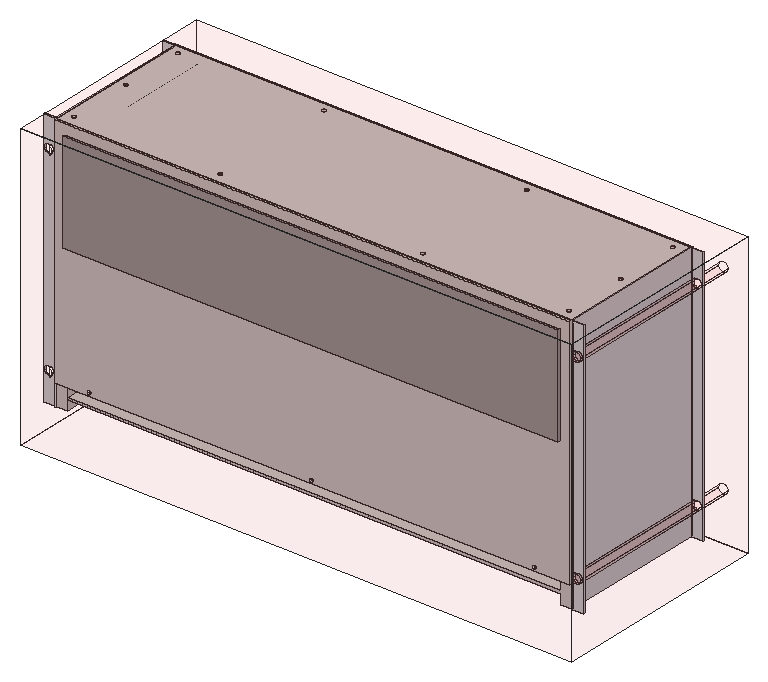
Revit family "Air-Curtain_Vestibule-Except_PoweredAire_CHA", category Mechanical Equipment, host Face, Revit 2025
Family settings
  Host = Face
  Round Connector Dimension = Use Diameter
  Part Type = Normal
  OmniClass Number = 23.75.35.17.21
  OmniClass Title = Air Curtains
  Cut with Voids When Loaded = No
  Maintain Annotation Orientation = No
  Shared = No
  Room Calculation Point = No
Parameters
  Unit Width Notes = "Other Widths available."  # constant formula
  Unit Width = 51.80"
  Unit Weight = 0
  Unit Height = 15.04"
  Unit Depth = 26.01"
  URL = "http://www.poweredaire.com/"
  Specification = ""
  Projection from Host [instance] = 2.00"
  Product Page URL = "https://www.arcat.com/company/powered-aire-inc-47623"
  Power Rating = 0 W
  Nozzle Width = if(1 = 1, Unit Width - 3.00", 0.00")  # 48.80"
  Mounting Width = if(1 = 1, Unit Width - 1.50", 0.00")  # 50.30"
  Mounting Height [instance] = 44.91"
  Motor RPM = 0
  Motor HP = 0
  Motor Count = 0
  Model = "CHA"
  Max Height = 0.00"
  Manufacturer = "Powered Aire, Inc"
  Keynote = "23 34 33"
  Include Clearance [instance] = yes
  Heating Element Load = 0 W
  HVAC_Temperature Rise = 0 °F
  HVAC_Outlet Volume = 0 CFM
  HVAC_Outlet Velocity Uniformity = 0
  HVAC_Outlet Velocity = 0 FPM
  Front Grating Material [instance] = Metal - Steel - PoweredAire - White Perforated
  Frame Finish [instance] = Metal - Steel - PoweredAire - Stainless 304
  Electrical_Wattage [instance] = Power Rating + Heating Element Load  # 0 W
  Electrical_Voltage [instance] = 0 V
  Electrical_Phase [instance] = 1
  Electrical_Frequency [instance] = 0 Hz
  Electrical_Amperage [instance] = 0 A
  Description = ""
  Default Elevation = 0.00"  # constant formula
  Cover Finish [instance] = Metal - Steel - PoweredAire - White
  Copyright = "©Arcat Inc."
  Clearance_Top [instance] = 3.25"
  Clearance_Side B [instance] = 3.1752"
  Clearance_Side A [instance] = 0.50"
  Clearance_Intake [instance] = 3.92354"
  Clearance_Front [instance] = 4.93628"
  Clearance Material [instance] = ARCAT Clearance
  CAD Details = ""
  Assembly Code = "D3090400"
Reference planes (in)
  plane 1 "Center (Elevation)": y = 10.8177
  plane 2: z = 0
  plane 3 "Center (Left/Right)": x = 0
  plane 4: y = 3.04818
  plane 5: z = 28.01
  plane 6 "FF": y = -41.86182
  plane 7: z = 2
  plane 8: x = 25.9
  plane 9: x = -25.9
  plane 10: z = 32.94628
  plane 11: y = 3.29818
  plane 12: y = 18.33722
  plane 13: y = 3.37845
  plane 14: y = 3.37725
  plane 15: x = 29.0752
  plane 16: y = 21.58722
  plane 17: y = -0.62536
  plane 18: x = -26.4
  plane 19: y = 2.99818
  plane 20: z = 28.06
  plane 21: y = 18.33818
Forms (in)
  Extrusion 1, solid, material "Metal - Steel - PoweredAire - Stainless 304"
    sketch origin (0, 10.8177, 0) x (1, 0, 0) y (0, 0, 1)
      loop
        line (25.9, 28.01) -> (-25.9, 28.01) -> (-25.9, 2) -> (25.9, 2) -> (25.9, 28.01)
    from -7.52048 to 7.51952
  Extrusion 2, solid, material "Metal - Steel - PoweredAire - Stainless 304"
    sketch origin (0, 0, 0) x (1, 0, 0) y (0, 1, 0)
      loop
        line (-25.9, 3.29818) -> (-25.9, 3.04818) -> (25.9, 3.04818) -> (25.9, 3.29818) -> (-25.9, 3.29818)
    from 4.25 to 28.01
  Extrusion 3, void
    sketch origin (0, -0.04688, -1) x (0, 1, 0) y (0, 0, 1)
      loop
        line (3.04818, 4) -> (3.04818, 3) -> (4.79818, 3) -> (4.79818, 5.25) -> (3.04818, 5.25) -> (3.04818, 4.25) -> (4.54818, 4.25) -> (4.54818, 4) -> (3.04818, 4)
    from -24.8 to 24.8
  Extrusion 4, solid
    sketch origin (0, 1.18246, 0) x (1, 0, 0) y (0, 1, 0)
      loop
        line (-25.9, 2.29092) -> (-25.9, 16.98052)
        arc (-25.9, 16.98052) -> (-25.95131, 17.10441) -> (-26.0752, 17.15572) r 0.1752
        line (-26.0752, 17.15572) -> (-27.15, 17.15572) -> (-27.15, 17.07572) -> (-26.0752, 17.07572)
        arc (-26.0752, 17.07572) -> (-26.00788, 17.04784) -> (-25.98, 16.98052) r 0.0952
        line (-25.98, 16.98052) -> (-25.98, 2.29119)
        arc (-25.98, 2.29119) -> (-26.00788, 2.22387) -> (-26.0752, 2.19599) r 0.0952
        line (-26.0752, 2.19599) -> (-27.15, 2.19599) -> (-27.15, 2.11572) -> (-26.0752, 2.11572)
        arc (-26.0752, 2.11572) -> (-25.95131, 2.16703) -> (-25.9, 2.29092) r 0.1752
      loop
        arc (25.9, 2.29092) -> (25.95131, 2.16703) -> (26.0752, 2.11572) r 0.1752
        line (26.0752, 2.11572) -> (27.15, 2.11572) -> (27.15, 2.1948) -> (26.0753, 2.1948)
        arc (26.0753, 2.1948) -> (26.00871, 2.22238) -> (25.98113, 2.28896) r 0.09417
        line (25.98113, 2.28896) -> (25.98113, 16.98006)
        arc (25.98113, 16.98006) -> (26.00885, 17.04699) -> (26.07578, 17.07471) r 0.09465
        line (26.07578, 17.07471) -> (27.15, 17.07471) -> (27.15, 17.15572) -> (26.07616, 17.15572)
        arc (26.07616, 17.15572) -> (25.95159, 17.10412) -> (25.9, 16.97956) r 0.17616
        line (25.9, 16.97956) -> (25.9, 2.29092)
    from 2 to 28.01
  Extrusion 5, solid, material "H1"
    sketch origin (0, 9.63572, -1.5) x (1, 0, 0) y (0, 0, 1)
      loop
        line (-24.9, 28.51) -> (-24.9, 18.36) -> (24.9, 18.36) -> (24.9, 28.51) -> (-24.9, 28.51)
    from 6.77683 to 6.58754
  Extrusion 6, solid, material "ARCAT Clearance"
    sketch origin (0, 0, 0) x (1, 0, 0) y (0, 1, 0)
      loop
        line (-26.4, 21.58722) -> (-26.4, -0.62536) -> (29.0752, -0.62536) -> (29.0752, 21.58722) -> (-26.4, 21.58722)
    from 0 to 28.64814
  Extrusion 7, void
    sketch origin (0, 10.8177, 0) x (1, 0, 0) y (0, 0, 1)
      loop
        circle (26.6126, 5) r 0.47
      loop
        circle (26.6126, 25.01) r 0.47
      loop
        circle (-26.6126, 5) r 0.47
      loop
        circle (-26.6126, 25.01) r 0.47
    from -16.24854 to 7.77
  Extrusion 8, solid, material "Metal - Steel - PoweredAire - White"
    sketch origin (0, 10.8177, 0) x (1, 0, 0) y (0, 0, 1)
      loop
        circle (0, 4.61) r 0.14
      loop
        circle (22.41054, 4.61) r 0.14
      loop
        circle (-22.41054, 4.61) r 0.14
    from 7.77 to 7.81952
  Extrusion 9, solid, material "ARCAT Clearance"
    sketch origin (0, 0, 0) x (1, 0, 0) y (0, 1, 0)
      loop
        circle (-24.9, 17.33818) r 0.2
      loop
        circle (-24.9, 10.8177) r 0.2
      loop
        circle (-24.9, 4.29818) r 0.2
      loop
        circle (24.9, 17.33818) r 0.2
      loop
        circle (24.9, 10.8177) r 0.2
      loop
        circle (24.9, 4.29818) r 0.2
      loop
        circle (-10.20137, 17.33818) r 0.2
      loop
        circle (-10.20137, 4.29818) r 0.2
      loop
        circle (10.20137, 17.33818) r 0.2
      loop
        circle (10.20137, 4.29818) r 0.2
    from 28.01 to 28.06
  Extrusion 10, solid, material "Metal - Steel - PoweredAire - Stainless 304"
    sketch origin (0, 0.06872, 0) x (1, 0, 0) y (0, 1, 0)
      loop
        line (-26.0752, 18.26946) -> (26.0752, 18.26946) -> (26.0752, 18.35115) -> (-26.0752, 18.35115) -> (-26.0752, 18.26946)
    from 2 to 28.01
  Extrusion 11, solid, material "Metal - Steel - PoweredAire - White"
    sketch origin (0, 10.8869, 0) x (1, 0, 0) y (0, 0, 1)
      loop
        circle (25.0752, 27.01) r 0.2
      loop
        circle (25.0752, 14.005) r 0.2
      loop
        circle (25.0752, 3) r 0.2
      loop
        circle (-11.0752, 27.01) r 0.2
      loop
        circle (-11.0752, 3) r 0.2
      loop
        circle (-25.0752, 3) r 0.2
      loop
        circle (-25.0752, 14.005) r 0.2
      loop
        circle (-25.0752, 27.01) r 0.2
      loop
        circle (11.0752, 27.01) r 0.2
      loop
        circle (11.0752, 3) r 0.2
    from -7.53297 to -7.58297
Cuts and joins
  Extrusion 3 cuts Extrusion 1
  Extrusion 7 cuts Extrusion 4
  Extrusion 7 cuts Extrusion 6
Dimensions and locks (in)
  "Mounting Height": plane 4 to plane 6 "FF"
  "Projection from Host": plane 7 to level
  "Unit Depth": plane 5 to plane 7
  "Clearance_Front": plane 10 to plane 5
  plane 5 to Extrusion 1 sketch curve = 0.00"
  Extrusion 1 sketch curve to plane 7 = 0.00"
  locked: plane 11 to plane 4 at 0.25
  Extrusion 3 sketch curve to Extrusion 3 sketch curve to Extrusion 3 sketch curve to Extrusion 3 sketch curve = 1.00" locked, 0.25" locked, 1.00" locked
  locked: Extrusion 4 to plane 9 at 1.25
  locked: plane 8 to Extrusion 4 at 1.25
  locked: plane 13 to plane 11 at 0.08027
  locked: plane 14 to plane 11 at 0.07908
  locked: Extrusion 5 to Extrusion 5 at 0.18928
  locked: Extrusion 5 to Extrusion 5 at 10.15
  locked: Extrusion 5 to plane 9 at 1
  locked: plane 8 to Extrusion 5 at 1
  locked: Extrusion 2 to Extrusion 5 at 1
  locked: cut or joined group of Extrusion 1, Extrusion 3 to plane 9 at 1.1
  locked: plane 8 to cut or joined group of Extrusion 1, Extrusion 3 at 1.1
  equal spacing: plane 12, plane 1 "Center (Elevation)", plane 11
  "Clearance_Top": plane 12 to plane 16
  "Clearance_Intake": plane 11 to plane 17
  "Clearance_Side A": plane 18 to plane 9
  "Clearance_Side B": plane 8 to plane 15
  "Unit Width": plane 9 to plane 8
  equal spacing: plane 9, plane 3 "Center (Left/Right)", plane 8
  plane 11 to Extrusion 8 = 0.30"
  plane 4 to plane 19 = 0.05"
  plane 20 to plane 5 = 0.05"
  "Unit Height": plane 21 to plane 11
  locked: Extrusion 10 to Extrusion 10 at 0.08169
  locked: plane 21 to Extrusion 11 at 0.13169
  aligned and locked: plane 2 to host face
  aligned and locked: level to host face
  aligned and locked: plane 8 to Extrusion 2
  aligned and locked: Extrusion 4 to plane 8
  aligned and locked: plane 9 to Extrusion 4
  aligned and locked: plane 11 to Extrusion 2
  aligned and locked: Extrusion 2 to plane 4
  aligned and locked: Extrusion 2 to Extrusion 4
  aligned and locked: Extrusion 2 to cut or joined group of Extrusion 1, Extrusion 3  (x2)
  aligned and locked: plane 11 to Extrusion 4 sketch curve
  aligned and locked: Extrusion 4 sketch curve to plane 11
  aligned and locked: Extrusion 4 to plane 13
  aligned and locked: Extrusion 4 to plane 14
  aligned and locked: Extrusion 4 to plane 7
  aligned and locked: Extrusion 4 to cut or joined group of Extrusion 1, Extrusion 3
  aligned and locked: cut or joined group of Extrusion 1, Extrusion 3 to Extrusion 2
  aligned and locked: Extrusion 6 sketch curve to plane 16
  aligned and locked: plane 17 to Extrusion 6 sketch curve
  aligned and locked: plane 15 to Extrusion 6 sketch curve
  aligned and locked: Extrusion 6 to plane 17
  aligned and locked: plane 16 to Extrusion 6
  aligned and locked: plane 18 to Extrusion 6
  aligned and locked: Extrusion 6 to plane 15
  aligned and locked: Extrusion 5 to Extrusion 2
  aligned and locked: Extrusion 8 to plane 19
  aligned and locked: Extrusion 9 to cut or joined group of Extrusion 1, Extrusion 3
  aligned and locked: Extrusion 9 to plane 20
  aligned and locked: Extrusion 11 to Extrusion 10  (x2)
  aligned and locked: plane 21 to Extrusion 10  (x2)
  aligned and locked: Extrusion 1 to Extrusion 10
  aligned and locked: cut or joined group of Extrusion 1, Extrusion 3 to plane 21
  aligned and locked: cut or joined group of Extrusion 4, Extrusion 7 to Extrusion 10
  aligned and locked: Extrusion 10 to cut or joined group of Extrusion 4, Extrusion 7
  aligned and locked: Extrusion 4 sketch curve to plane 21
  aligned and locked: Extrusion 10 to Extrusion 11
  aligned and locked: Extrusion 10 to cut or joined group of Extrusion 1, Extrusion 3
Automatic sketch dimensions
  host sketch curve to host sketch curve = 96.00"  (x2)
  Extrusion 1 sketch curve to plane 9 = 0.00"
  Extrusion 1 sketch curve to plane 8 = 0.00"
  Extrusion 2 sketch curve to plane 9 = 0.00"
  Extrusion 2 sketch curve to plane 4 = 0.00"
  Extrusion 2 sketch curve to plane 8 = 0.00"
  Extrusion 2 sketch curve to plane 11 = 0.00"
  Extrusion 3 sketch curve to plane 7 = 0.00"
  plane 19 to Extrusion 3 sketch curve = 0.00312"  (x2)
  Extrusion 3 sketch curve to plane 13 = 1.12285"
  Extrusion 3 sketch curve to Extrusion 3 sketch curve = 0.25"
  plane 9 to Extrusion 5 sketch curve = 1.00"
  Extrusion 5 sketch curve to plane 8 = 1.00"
  Extrusion 5 sketch curve to plane 5 = 11.15"
  Extrusion 5 sketch curve to plane 5 = 1.00"
  Extrusion 6 sketch curve to plane 18 = 0.00"
  plane 18 to Extrusion 7 sketch curve = 0.2126"  (x2)
  plane 8 to Extrusion 7 sketch curve = 0.7126"  (x2)
  plane 7 to Extrusion 7 sketch curve = 3.00"  (x2)
  Extrusion 7 sketch curve to plane 5 = 3.00"  (x2)
  Extrusion 8 sketch curve to plane 3 "Center (Left/Right)" = 0.00"
  plane 9 to Extrusion 8 sketch curve = 3.48946"
  Extrusion 8 sketch curve to plane 8 = 3.48946"
  plane 7 to Extrusion 8 sketch curve = 2.61"  (x3)
  plane 1 "Center (Elevation)" to Extrusion 9 sketch curve = 0.00"  (x2)
  plane 9 to Extrusion 9 sketch curve = 1.00"  (x3)
  Extrusion 9 sketch curve to plane 13 = 0.91973"  (x4)
  Extrusion 9 sketch curve to plane 3 "Center (Left/Right)" = 10.20137"  (x2)
  plane 3 "Center (Left/Right)" to Extrusion 9 sketch curve = 10.20137"  (x2)
  Extrusion 9 sketch curve to plane 8 = 1.00"  (x3)
  Extrusion 10 sketch curve to plane 9 = 0.1752"
  plane 8 to Extrusion 10 sketch curve = 0.1752"
  plane 9 to Extrusion 11 sketch curve = 0.8248"  (x3)
  plane 7 to Extrusion 11 sketch curve = 1.00"  (x4)
  Extrusion 11 sketch curve to plane 3 "Center (Left/Right)" = 11.0752"  (x2)
  Extrusion 11 sketch curve to plane 5 = 1.00"  (x4)
  plane 3 "Center (Left/Right)" to Extrusion 11 sketch curve = 11.0752"  (x2)
  Extrusion 11 sketch curve to plane 8 = 0.8248"  (x3)
  Extrusion 11 sketch curve to Extrusion 11 sketch curve = 11.005"  (x2)
  plane 21 to Extrusion 10 sketch curve = 0.00"
  Extrusion 10 sketch curve to Extrusion 10 sketch curve = 0.08169"
  Extrusion 4 sketch curve to plane 13 = 0.00"
  Extrusion 4 sketch curve to plane 9 = 0.00"
  Extrusion 4 sketch curve to plane 8 = 0.00"
  Extrusion 4 sketch curve to plane 14 = 0.00"
  Extrusion 4 sketch curve to plane 9 = 0.08"
  Extrusion 4 sketch curve to plane 13 = 0.09492"
  Extrusion 4 sketch curve to Extrusion 4 sketch curve = 0.00"  (x3)
  Extrusion 4 sketch curve to plane 9 = 0.1752"
  plane 18 to Extrusion 4 sketch curve = 0.75"  (x2)
  plane 8 to Extrusion 4 sketch curve = 0.08113"
  plane 8 to Extrusion 4 sketch curve = 0.1752"
  Extrusion 4 sketch curve to Extrusion 4 sketch curve = 0.0001"
  Extrusion 4 sketch curve to Extrusion 4 sketch curve = 0.09465"
  plane 8 to Extrusion 4 sketch curve = 0.17616"
  Extrusion 4 sketch curve to Extrusion 4 sketch curve = 1.07422"
  Extrusion 4 sketch curve to Extrusion 4 sketch curve = 1.0747"
  plane 21 to Extrusion 4 sketch curve = 0.00"
  Extrusion 4 sketch curve to Extrusion 4 sketch curve = 0.0005"
  plane 12 to Extrusion 9 sketch curve = 0.99904"  (x4)
  radius of Extrusion 7 sketch curve = 0.47"  (x4)
  radius of Extrusion 8 sketch curve = 0.14"  (x3)
  radius of Extrusion 9 sketch curve = 0.20"  (x10)
  radius of Extrusion 11 sketch curve = 0.20"  (x10)
